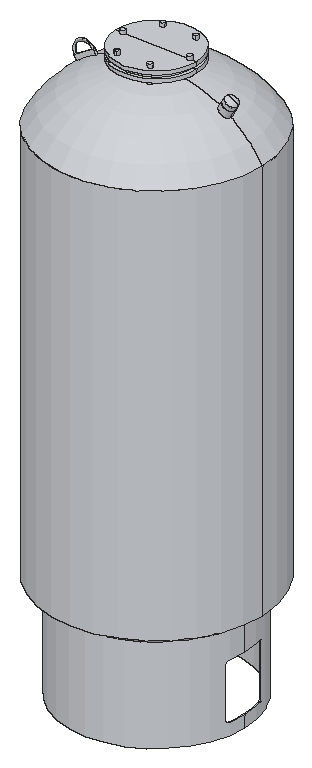
Revit family "FXA-1200", category Mechanical Equipment, Revit 2014
Parameters (values of type "FXA-1200")
  VoidLength = 7 1/2"
  URL = "http://westank.com/"
  TankVolume = "317 Gallons"
  SystemConnectionAngle = 50.00°
  PartNumber = "21011200"
  OuterRadius = 15"
  Model = "FXA-1200"
  MaximumOperatingTemperature = "240°F"
  MaximumOperatingPressure = "125 PSIG"
  Manufacturer = "Wessels Company"
  InnerRadius = 14.766"
  HandleAngle = 120.00°
  G = 8 1/2"
  E = 30"
  F = 7.9997"
  DrainAngle = 63.00°
  C = 3"
  BottomOfTheCylinder = 6.11811"
  B = 98.50006"
  ApproximateShipmentWeight = "745 lbs"
  Angle = 35.00°
  A = 36"
Reference planes (in)
  plane 1 "Center (Front/Back)": y = 0
  plane 2: z = 0
  plane 3 "Center (Left/Right)": x = 0
  plane 4: x = -18
  plane 5: y = 1.9685
  plane 6: y = -1.9685
  plane 7: z = 98.50006
  plane 8: x = 18
  plane 9: y = 0.15626
  plane 10: y = -0.15626
  plane 11: x = -18
  plane 12: x = 18
  plane 13: x = -15
  plane 14: x = 15
  plane 15: y = 0
  plane 16: y = 8.22887
  plane 17: y = -8.22887
  plane 18: through (0.00466, -180, 75.19677) normal (-0.9999, 0, -0.0139)
  plane 19: z = 84.08887
  plane 20: x = 7.9997
  plane 21: x = 6.4997
  plane 22: x = 9.4997
  plane 23: z = 94.86812
  plane 24: z = 84.58887
  plane 25: z = 83.58887
  plane 26: y = 0.25884
  plane 27: z = 8.5
Forms (in)
  Revolve 1, solid
    sketch origin (0, 0, -5.125) x (1, 0, 0) y (0, 0, 1)
      loop
        arc (0, 99.99312) -> (-10.26029, 98.1875) -> (-18, 91.21394) r 18.87587
        line (-18, 91.21394) -> (-18, 23.1234)
        arc (-18, 23.1234) -> (-9.46773, 18.9387) -> (0, 18.11812) r 25.86401
        line (0, 18.11812) -> (0, 99.99312)
      axis (0, 99.99312) -> (0, 18.11812)
    angle from 0 to 360
  Extrusion 2, solid
    sketch origin (0, 0, 0) x (1, 0, 0) y (0, 1, 0)
      loop
        circle (0, 0) r 15
      loop
        circle (0, 0) r 14.766
    from 19.49834 to 0
  Revolve 3, solid
    sketch origin (8.82524, 0, 75.39944) x (0.5, 0, 0.866025) y (-0.866025, 0, 0.5)
      loop
        line (15.84083, 5.92814) -> (15.84083, 4.83974) -> (17.34723, 4.83974) -> (17.34723, 4.87271) -> (18.15537, 4.87271)
        arc (18.15537, 4.87271) -> (18.50061, 5.34409) -> (18.51752, 5.92814) r 0.9835
        line (18.51752, 5.92814) -> (15.84083, 5.92814)
      axis (15.84083, 5.92814) -> (18.51752, 5.92814)
    angle from 0 to 360
  Sweep 4, solid
    path origin (-8.96169, 0, 75.69322) x (-0.520899, 0, 0.853618) y (-0.853618, 0, -0.520899)
      loop
        arc (16.34545, -4.50082) -> (18.09545, -6.25082) -> (16.34545, -8.00082) r 1.75
    profile origin (-13.05177, 0, 94.39587) x (-0.520899, 0, 0.853618) y (0, -1, 0)
      loop
        circle (0, 0) r 0.15625
  Extrusion 5, solid
    sketch origin (-6.4223, 0, 71.53183) x (-0.520899, 0, 0.853618) y (-0.853618, 0, -0.520899)
      loop
        line (21.22045, -4.34521) -> (20.24348, -4.34521) -> (20.24348, -8.16032) -> (21.22045, -8.16032) -> (21.22045, -4.34521)
    from 0.15626 to -0.15626
  Sweep 6, solid
    path origin (-12.625, 0, 56.08927) x (-1, 0, 0) y (0, 0, -1)
      loop
        arc (6.10198, 1.75) -> (7.85198, 0) -> (6.10198, -1.75) r 1.75
    profile origin (-20.47698, 0, 56.08927) x (-1, 0, 0) y (0, -1, 0)
      loop
        circle (0, 0) r 0.15625
  Extrusion 7, solid
    sketch origin (-7.75, 0, 56.08927) x (-1, 0, 0) y (0, 0, -1)
      loop
        line (10.97698, 1.90561) -> (10, 1.90561) -> (10, -1.9095) -> (10.97698, -1.9095) -> (10.97698, 1.90561)
    from 0.15626 to -0.15626
  Revolve 8, solid
    sketch origin (0.22045, 0, 73.50107) x (0, 0, 1) y (-1, 0, 0)
      loop
        line (24.53366, 0.22045) -> (20.7935, 0.22045) -> (20.7935, -3.6338)
        arc (20.7935, -3.6338) -> (21.77775, -3.40837) -> (22.762, -3.6338) r 2.26145
        line (22.762, -3.6338) -> (22.762, -6.60942) -> (23.35255, -6.60942) -> (23.35255, -5.99313) -> (23.9431, -5.99313) -> (23.9431, -6.60942) -> (24.53366, -6.60942) -> (24.53366, 0.22045)
      axis (24.53366, 0.22045) -> (20.7935, 0.22045)
    angle from 0 to 360
  Extrusion 9, solid
    sketch origin (0, 0, 0) x (0, 1, 0) y (0, 0, 1)
      loop
        circle (0, 84.08887) r 0.5
    from -17.65104 to -19.22575
  Revolve 10, solid
    sketch origin (4.84981, 0, 21.69446) x (0.274641, 0, -0.961547) y (0.961547, 0, 0.274641)
      loop
        line (11.53359, 0) -> (7.79343, 0) -> (7.79343, -3.1338)
        arc (7.79343, -3.1338) -> (8.77769, -2.90837) -> (9.76194, -3.1338) r 2.26145
        line (9.76194, -3.1338) -> (9.76194, -5.73442) -> (10.35249, -5.73442) -> (10.35249, -5.11813) -> (10.94304, -5.11813) -> (10.94304, -5.73442) -> (11.53359, -5.73442) -> (11.53359, 0)
      axis (7.79343, 0) -> (11.53359, 0)
    angle from 0 to 360
  Extrusion 11, solid
    sketch origin (6.99003, -2.56268, 10.31482) x (-0.961534, 0, -0.274687) y (-0.000007, 1, 0.000023)
      loop
        circle (-3.74768, 6.40672) r 0.3937
    from 0.59055 to -2.3622
  Extrusion 12, solid
    sketch origin (8.84181, -2.64003, 10.84373) x (-0.729789, -0.651106, -0.208495) y (-0.626075, 0.758987, -0.178797)
      loop
        circle (-3.74768, 6.40672) r 0.3937
    from 0.59055 to -2.3622
  Extrusion 13, solid
    sketch origin (10.29571, -1.44481, 11.259) x (-0.14626, -0.988362, -0.041825) y (-0.950362, 0.152123, -0.271422)
      loop
        circle (-3.74768, 6.40672) r 0.3937
    from 0.59055 to -2.3622
  Extrusion 14, solid
    sketch origin (10.65091, 0.44684, 11.36046) x (0.507775, -0.849202, 0.144983) y (-0.816554, -0.528068, -0.233203)
      loop
        circle (-3.74768, 6.40672) r 0.3937
    from 0.59055 to -2.3622
  Extrusion 15, solid
    sketch origin (9.73621, 2.1231, 11.09919) x (0.917057, -0.300705, 0.261883) y (-0.289149, -0.953717, -0.082563)
      loop
        circle (-3.74768, 6.40672) r 0.3937
    from 0.59055 to -2.3622
  Extrusion 16, solid
    sketch origin (7.9925, 2.77597, 10.60115) x (0.8843, 0.392739, 0.252527) y (0.37763, -0.91965, 0.107885)
      loop
        circle (-3.74768, 6.40672) r 0.3937
    from 0.59055 to -2.3622
  Extrusion 17, solid
    sketch origin (6.26031, 2.09076, 10.10639) x (0.425294, 0.896873, 0.121424) y (0.862379, -0.442288, 0.246341)
      loop
        circle (-3.74768, 6.40672) r 0.3937
    from 0.59055 to -2.3622
  Extrusion 18, solid
    sketch origin (5.37459, 0.39774, 9.85341) x (-0.238708, 0.968691, -0.068231) y (0.931436, 0.248268, 0.266065)
      loop
        circle (-3.74768, 6.40672) r 0.3937
    from 0.59055 to -2.3622
  Extrusion 19, solid
    sketch origin (5.76228, -1.48699, 9.96414) x (-0.78764, 0.573576, -0.225019) y (0.551513, 0.819153, 0.15755)
      loop
        circle (-3.74768, 6.40672) r 0.3937
    from 0.59055 to -2.3622
  Extrusion 20, solid
    sketch origin (7.85796, 0, -10.02198) x (0, 1, 0) y (1, 0, 0)
      loop
        circle (0, 0.14143) r 1.5
    from -21.52198 to -18.52198
  Extrusion 21, void
    sketch origin (0, 0, 0) x (0, 1, 0) y (0, 0, 1)
      loop
        arc (-3.11616, 11.5) -> (-3.46972, 11.35355) -> (-3.61616, 11) r 0.5
        line (-3.61616, 11) -> (-3.61616, 2.44094)
        arc (-3.61616, 2.44094) -> (-3.46972, 2.08739) -> (-3.11616, 1.94094) r 0.5
        line (-3.11616, 1.94094) -> (3.63384, 1.94094)
        arc (3.63384, 1.94094) -> (3.98739, 2.08739) -> (4.13384, 2.44094) r 0.5
        line (4.13384, 2.44094) -> (4.13384, 11)
        arc (4.13384, 11) -> (3.98739, 11.35355) -> (3.63384, 11.5) r 0.5
        line (3.63384, 11.5) -> (-3.11616, 11.5)
    from 17.24266 to 10.38163
  Extrusion 22, solid
    sketch origin (0.89772, 1.57065, 97.90951) x (-0.5, 0.866025, 0.000001) y (-0.866025, -0.5, 0.000001)
      loop
        circle (-3.74768, 6.40672) r 0.3937
    from 0.59055 to -2.3622
  Extrusion 23, solid
    sketch origin (1.8093, 0.00825, 97.90949) x (0.499999, 0.866026, -0.000004) y (-0.866026, 0.499999, 0.000001)
      loop
        circle (-3.74768, 6.40672) r 0.3937
    from 0.59055 to -2.3622
  Extrusion 24, solid
    sketch origin (0.91183, -1.56484, 97.90935) x (1, 0.000002, 0) y (-0.000002, 1, 0.000022)
      loop
        circle (-3.74768, 6.40672) r 0.3937
    from 0.59055 to -2.3622
  Extrusion 25, solid
    sketch origin (-0.89621, -1.57065, 97.90947) x (0.500003, -0.866024, -0.000013) y (0.866024, 0.500003, -0.000022)
      loop
        circle (-3.74768, 6.40672) r 0.3937
    from 0.59055 to -2.3622
  Extrusion 26, solid
    sketch origin (-1.80843, -0.00676, 97.90955) x (-0.499996, -0.866028, 0.000014) y (0.866028, -0.499996, 0.000001)
      loop
        circle (-3.74768, 6.40672) r 0.3937
    from 0.59055 to -2.3622
  Extrusion 27, solid
    sketch origin (-0.9107, 1.56265, 97.90946) x (-1, -0.000006, 0.000004) y (0.000006, -1, 0)
      loop
        circle (-3.74768, 6.40672) r 0.3937
    from 0.59055 to -2.3622
  Extrusion 28, solid
    sketch origin (0.89815, 1.57065, 97.90945) x (-0.500006, 0.866022, 0.000001) y (-0.866022, -0.500006, 0.000001)
      loop
        circle (-3.74768, 6.40672) r 0.3937
    from 0.59055 to -2.3622
Cuts and joins
  Extrusion 21 cuts Extrusion 2
  joined: Revolve 1, Revolve 3, Extrusion 5, Extrusion 7, Revolve 8, Extrusion 9, Revolve 10, Extrusion 20
Dimensions and locks (in)
  equal spacing: plane 5, plane 1 "Center (Front/Back)", plane 6
  "B": plane 7 to level
  equal spacing: plane 8, plane 3 "Center (Left/Right)", plane 4
  "A": plane 8 to plane 4
  plane 9 to plane 10 = 0.31252"
  equal spacing: plane 14, plane 3 "Center (Left/Right)", plane 13
  "E": plane 14 to plane 13
  locked: Revolve 3 sketch curve to Revolve 3 sketch curve at 0.03297
  equal spacing: plane 16, plane 15, plane 17
  locked: Revolve 8 sketch curve to Revolve 8 sketch curve at 0.59055  (x3)
  locked: Revolve 8 sketch curve to Revolve 8 sketch curve at 1.9685
  Revolve 1 to plane 19 = 2.00006"
  locked: Extrusion 9 sketch curve to plane 15 at 0
  locked: Extrusion 9 sketch curve to plane 19
  locked: Revolve 10 sketch curve to Revolve 10 sketch curve at 0.59055  (x3)
  locked: Revolve 10 sketch curve to Revolve 10 sketch curve at 1.9685
  locked: Extrusion 20 sketch curve to plane 1 "Center (Front/Back)" at 0
  "F": plane 20 to plane 3 "Center (Left/Right)"
  equal spacing: plane 22, plane 20, plane 21
  "C": plane 22 to plane 21
  locked: Extrusion 20 sketch curve to plane 20 at 0.0003
  locked: plane 7 to plane 23 at 3.63194
  locked: plane 7 to Revolve 1 sketch curve at 12.41113
  locked: plane 24 to plane 25 at 1
  "G": plane 27 to cut or joined group of Extrusion 2, Extrusion 21
  "OuterRadius": radius of Extrusion 2 sketch curve
  "InnerRadius": radius of Extrusion 2 sketch curve
  "C": diameter of Extrusion 20 sketch curve
  aligned and locked: level to plane 2
  aligned and locked: Extrusion 2 to level
  aligned and locked: plane 4 to Revolve 1 sketch curve
  aligned and locked: Revolve 3 sketch curve to Revolve 3 sketch curve
  aligned and locked: Extrusion 5 sketch curve to Sweep 4
  aligned and locked: Extrusion 5 to plane 10
  aligned and locked: plane 9 to Extrusion 5
  aligned and locked: Extrusion 7 sketch curve to Sweep 6
  aligned and locked: Revolve 8 sketch curve to Revolve 8 sketch curve
  aligned and locked: Revolve 10 sketch curve to Revolve 10 sketch curve
  aligned and locked: plane 23 to Revolve 1 sketch curve
  aligned and locked: Revolve 8 sketch curve to plane 3 "Center (Left/Right)"
  aligned and locked: Extrusion 22 to plane 7
  aligned and locked: Extrusion 23 to plane 7
  aligned and locked: Extrusion 26 to plane 7
  aligned and locked: cut or joined group of Extrusion 2, Extrusion 21 to level
  aligned and locked: level to cut or joined group of Extrusion 2, Extrusion 21
  aligned and locked: Extrusion 20 to plane 27
Automatic sketch dimensions
  Revolve 1 sketch curve to plane 3 "Center (Left/Right)" = 0"  (x2)
  Revolve 1 sketch curve to plane 3 "Center (Left/Right)" = 2.5386"
  Revolve 1 sketch curve to plane 3 "Center (Left/Right)" = 1.98565"
  Revolve 1 sketch curve to Revolve 1 sketch curve = 5.00528"
  Revolve 1 sketch curve to Revolve 1 sketch curve = 11.33962"
  plane 13 to Sweep 4 sketch curve = 2.8598"
  Sweep 4 sketch curve to plane 7 = 5.59802"
  Sweep 4 sketch curve to Sweep 4 sketch curve = 1 3/4"
  Sweep 4 sketch curve to profile plane = 0"
  profile plane to Sweep 4 sketch curve = 0"
  Extrusion 5 sketch curve to Extrusion 5 sketch curve = 0.97698"
  plane 13 to Extrusion 5 sketch curve = 4.48979"
  Extrusion 5 sketch curve to Extrusion 5 sketch curve = 3.81511"
  Sweep 6 sketch curve to plane 4 = 0.72698"
  Sweep 6 sketch curve to Sweep 6 sketch curve = 1 3/4"
  Sweep 6 sketch curve to profile plane = 0"
  profile plane to Sweep 6 sketch curve = 0"
  plane 4 to Extrusion 7 sketch curve = 1/4"
  Extrusion 7 sketch curve to Extrusion 7 sketch curve = 3.81511"
  Revolve 10 sketch curve to plane 14 = 12.49651"
  Revolve 10 sketch curve to Revolve 10 sketch curve = 0.5646"
  Revolve 10 sketch curve to Revolve 10 sketch curve = 0.61629"
  Revolve 10 sketch curve to Revolve 10 sketch curve = 2.03603"
  Revolve 10 sketch curve to Revolve 10 sketch curve = 3.1338"
  Revolve 10 sketch curve to Revolve 10 sketch curve = 19.38704"
  Revolve 10 sketch curve to Revolve 10 sketch curve = 0.1272"
  Revolve 10 sketch curve to Revolve 10 sketch curve = 0"
  Revolve 10 sketch curve to Revolve 10 sketch curve = 0.98425"
  plane 19 to Revolve 1 sketch curve = 0.0062"
  plane 22 to Revolve 3 sketch curve = 2.11204"
  Revolve 3 sketch curve to plane 7 = 6.41799"
  Revolve 3 sketch curve to Revolve 3 sketch curve = 1.5064"
  Revolve 3 sketch curve to Revolve 3 sketch curve = 0"
  Revolve 3 sketch curve to Revolve 3 sketch curve = 0.22312"
  Revolve 3 sketch curve to Revolve 3 sketch curve = 0.80814"
  Revolve 3 sketch curve to Revolve 3 sketch curve = 0.94717"
  Revolve 3 sketch curve to Revolve 3 sketch curve = 0.26484"
  Revolve 3 sketch curve to Revolve 3 sketch curve = 5.44847"
  Revolve 3 sketch curve to Revolve 3 sketch curve = 0.07201"
  plane 19 to Sweep 6 sketch curve = 27.9996"
  plane 19 to Extrusion 7 sketch curve = 26.0901"
  Revolve 8 sketch curve to plane 3 "Center (Left/Right)" = 0"
  Revolve 8 sketch curve to plane 7 = 4.2055"
  Revolve 8 sketch curve to plane 21 = 0.60942"
  Revolve 8 sketch curve to Revolve 8 sketch curve = 0.98425"
  Revolve 8 sketch curve to plane 21 = 0.28611"
  plane 21 to Revolve 8 sketch curve = 0.33017"
  Revolve 8 sketch curve to Revolve 8 sketch curve = 2.03603"
  Revolve 8 sketch curve to Revolve 8 sketch curve = 0"
  plane 7 to Revolve 8 sketch curve = 0.53466"
  Extrusion 21 sketch curve to plane 6 = 1.14766"
  Extrusion 21 sketch curve to Extrusion 21 sketch curve = 1/2"  (x4)
  plane 5 to Extrusion 21 sketch curve = 1.66533"
  level to Extrusion 21 sketch curve = 1.94094"
  Revolve 10 sketch curve to plane 18 = 6.13901"
  Revolve 1 sketch curve to Revolve 1 sketch curve = 37.36474"
  Extrusion 21 sketch curve to Extrusion 21 sketch curve = 8.55906"
  Extrusion 2 sketch curve to Extrusion 2 sketch curve = 0"  (x2)
  plane 1 "Center (Front/Back)" to Extrusion 2 sketch curve = 0"
  Extrusion 2 sketch curve to plane 3 "Center (Left/Right)" = 0"
  radius of Extrusion 11 sketch curve = 0.3937"
  radius of Extrusion 12 sketch curve = 0.3937"
  radius of Extrusion 13 sketch curve = 0.3937"
  radius of Extrusion 14 sketch curve = 0.3937"
  radius of Extrusion 15 sketch curve = 0.3937"
  radius of Extrusion 16 sketch curve = 0.3937"
  radius of Extrusion 17 sketch curve = 0.3937"
  radius of Extrusion 18 sketch curve = 0.3937"
  radius of Extrusion 19 sketch curve = 0.3937"
  radius of Sweep 4 sketch curve = 5/32"
  radius of Sweep 6 sketch curve = 5/32"
  radius of Extrusion 9 sketch curve = 1/2"
  radius of Extrusion 22 sketch curve = 0.3937"
  radius of Extrusion 23 sketch curve = 0.3937"
  radius of Extrusion 24 sketch curve = 0.3937"
  radius of Extrusion 25 sketch curve = 0.3937"
  radius of Extrusion 26 sketch curve = 0.3937"
  radius of Extrusion 27 sketch curve = 0.3937"
  radius of Extrusion 28 sketch curve = 0.3937"
Connectors (in)
  piping at (7.99939, 0, 8.5), diameter 3, driven by "C"
    settings: on Extrusion 20, index 1, connector inside diameter 24", connector length 0", flow factor 0, pipe flow 0 GPM, pressure drop 0.00 psi, fitting loss kfactor 0, connector angle 0.00°, fixture units 0, engagement length 0", angle of deflection 0.00°, flow configuration 0, flow direction 0, fitting loss method 0, system type 7, joint type 0, gender type 0, connector reference index -1, connector utility 0, adjustable connector no, is connector primary yes, connector description ""
